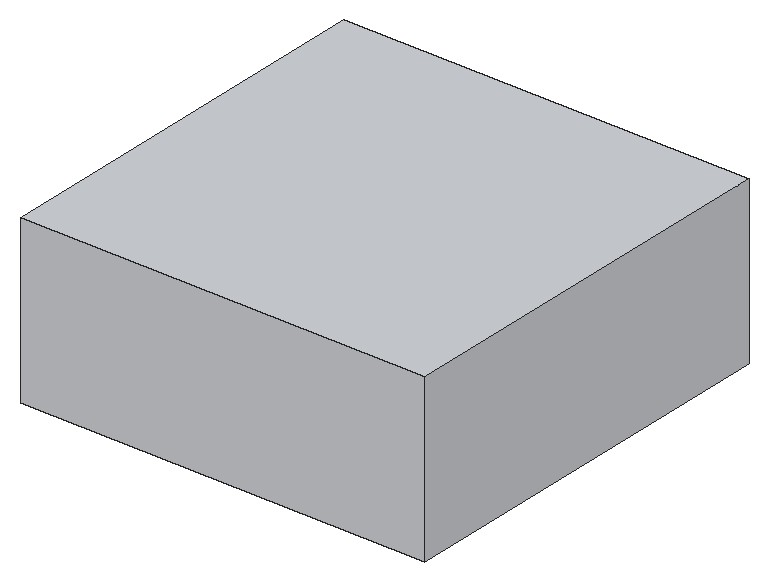
Revit family "GPC-M_Conduit Junction Box - Cross - Aluminum", category Conduit Fittings, Revit 2025
Family settings
  Round Connector Dimension = Use Radius
  Part Type = Cross
  OmniClass Number = 23.80.30.17.11
  OmniClass Title = Conduits
  Work Plane-Based = No
  Always vertical = Yes
  Cut with Voids When Loaded = No
  Shared = No
Parameters (values of type "5"x5"")
  Width [instance] = Length  # 127 mm
  TamañoFijo [instance] = yes
  Nominal Radius 4 [instance] = 8 mm
  Nominal Radius 3 [instance] = 8 mm
  Nominal Radius 2 [instance] = 8 mm
  Nominal Radius 1 [instance] = 8 mm
  Nominal Diameter 4 [instance] = Nominal Radius 4 * 2  # 16 mm
  Nominal Diameter 3 [instance] = Nominal Radius 3 * 2  # 16 mm
  Nominal Diameter 2 [instance] = Nominal Radius 2 * 2  # 16 mm
  Nominal Diameter 1 [instance] = Nominal Radius 1 * 2  # 16 mm
  Max Nominal Diameter 34 [instance] = if(Nominal Diameter 3 > Nominal Diameter 4, Nominal Diameter 3, Nominal Diameter 4)  # 16 mm
  Max Nominal Diameter 1234 [instance] = if(Max Nominal Diameter 12 > Max Nominal Diameter 34, Max Nominal Diameter 12, Max Nominal Diameter 34)  # 16 mm
  Max Nominal Diameter 12 [instance] = if(Nominal Diameter 1 > Nominal Diameter 2, Nominal Diameter 1, Nominal Diameter 2)  # 16 mm
  LengthOverride [instance] = 127 mm
  HeightOverride [instance] = 52 mm
  Height [instance] = if(TamañoFijo, HeightOverride, if(not(Max Nominal Diameter 1234 > 27 mm), 52 mm, if(Max Nominal Diameter 1234 < 155 mm, 152 mm, Max Nominal Diameter 1234 * 1.2)))  # 52 mm
  Length [instance] = if(TamañoFijo, LengthOverride, if(not(Max Nominal Diameter 1234 > 27 mm), 116 mm, 6 * Max Nominal Diameter 1234))  # 127 mm
  Default Elevation = 0 mm
Types (2, lengths in mm): name | Width | TamañoFijo | LengthOverride | HeightOverride | Length
  Standard | 116 | no | 0 | 127 | 116
  5"x5" | 127 | yes | 127 | 52 | 127
Reference planes
  plane 1 "Center (Front/Back)": y = 0
  plane 2: z = 0
  plane 3 "Center (Left/Right)": x = 0
  plane 4: x = -63.5
  plane 5: x = 63.5
  plane 6: y = 63.5
  plane 7: y = -63.5
  plane 8: z = 26
  plane 9: z = -26
Forms (mm)
  Extrusion 1, solid
    sketch origin (0, 0, 0) x (1, 0, 0) y (0, 1, 0)
      loop
        line (-63.5, 63.5) -> (-63.5, -63.5) -> (63.5, -63.5) -> (63.5, 63.5) -> (-63.5, 63.5)
    from -26 to 26
Dimensions and locks
  equal spacing: plane 4, plane 3 "Center (Left/Right)", plane 5
  "Length": plane 4 to plane 5
  equal spacing: plane 6, plane 1 "Center (Front/Back)", plane 7
  "Width": plane 6 to plane 7
  equal spacing: plane 8, plane 2, plane 9
  "Height": plane 8 to plane 9
  aligned and locked: Extrusion 1 sketch curve to plane 6
  aligned and locked: plane 4 to Extrusion 1 sketch curve
  aligned and locked: plane 7 to Extrusion 1 sketch curve
  aligned and locked: Extrusion 1 sketch curve to plane 5
  aligned and locked: Extrusion 1 to plane 9
  aligned and locked: plane 8 to Extrusion 1
Connectors
  cabletrayconduit at (-63.5, 0, 0), diameter 16, driven by "Nominal Radius 1"
    settings: on Extrusion 1, index 1, connector width 304.8 mm, connector height 304.8 mm, connector angle 0.00°, system type 32, placement type 0, profile type 0, connector reference index 2, is primary connector yes, connector utility param no, connector description ""
  cabletrayconduit at (63.5, 0, 0), diameter 16, driven by "Nominal Radius 2"
    settings: on Extrusion 1, index 2, connector width 304.8 mm, connector height 304.8 mm, connector angle 0.00°, system type 32, placement type 0, profile type 0, connector reference index 1, is primary connector no, connector utility param no, connector description ""
  cabletrayconduit at (0, -63.5, 0), diameter 16, driven by "Nominal Radius 3"
    settings: on Extrusion 1, index 3, connector width 304.8 mm, connector height 304.8 mm, connector angle 0.00°, system type 32, placement type 0, profile type 0, connector reference index 4, is primary connector no, connector utility param no, connector description ""
  cabletrayconduit at (0, 63.5, 0), diameter 16, driven by "Nominal Radius 4"
    settings: on Extrusion 1, index 4, connector width 304.8 mm, connector height 304.8 mm, connector angle 0.00°, system type 32, placement type 0, profile type 0, connector reference index 3, is primary connector no, connector utility param no, connector description ""
